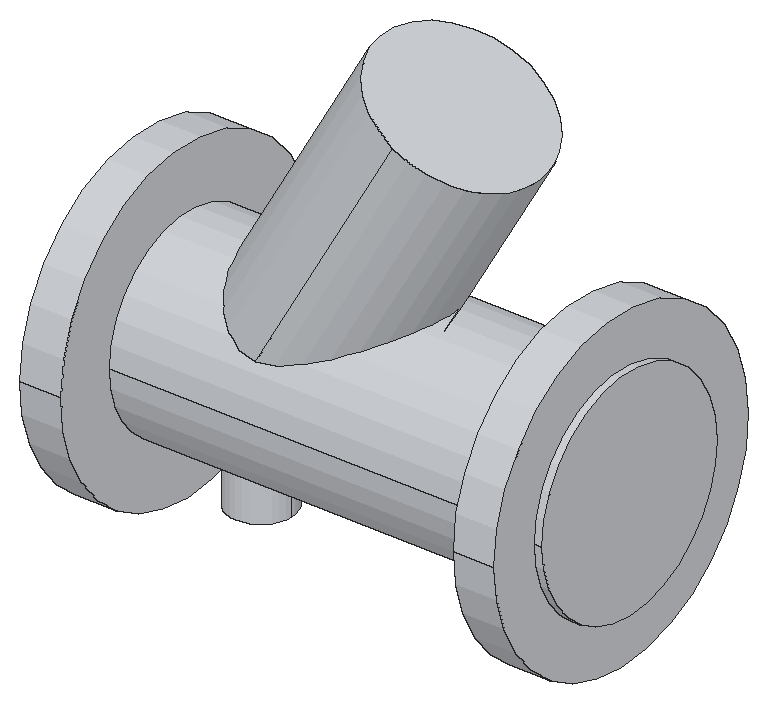
Revit family "HS 821-síto_jemné-PN40-DN080-RFA_2019", category Pipe Accessories, Revit 2019
Family settings
  Round Connector Dimension = Use Diameter
  Part Type = Breaks Into
  Work Plane-Based = No
  Always vertical = Yes
  Cut with Voids When Loaded = No
  Shared = No
Parameters (values of type "821F-DN080-PN40-síto_jemné")
  magiProductId = "689aa1e260f84cf4994f027a1d86b5"
  magiProductFamilyId = "79214ac3aaa945e397802f559f5c1e"
  magiPartTypeId = 307
  isMeasuringValve [instance] = no
  ang2D [instance] = 0.00°
  ZB__ve = -ZB  # -32 mm
  ZB1 = 55.89 mm
  ZB = 32 mm
  X2 = 104.753 mm
  X1 = 43.4 mm
  W2D = 15 mm
  VersionID = "2.0/2017.9.26.1/ZETKAMA_821_001"
  Use Minimum Symbol Size [instance] = yes
  URL = "www.hydronic.cz"
  Type Comments = "Filtr přírubový; síto jemné; A-PN16 (-10~300°C); D-PN25 (-10~350°C); F-PN40 (-10~400°C)"
  S = 138 mm
  QmdConnectorList = "301;D;302;D"
  Productdata [instance] = ""
  Manufacturer = "Hydronic Systems Prague s.r.o."
  MC Product Code = "250 680 (821F; DN080; PN40; kvs137,1; oko síta 0,63mm)"
  LM1 = 24.8 mm
  LM = 248 mm
  L4 = 77.5 mm
  L2D_Min = 3048 mm
  L2D = 130 mm
  L2 = 155 mm
  HH2 = 181.438 mm
  FD = 200 mm
  Description = "Filtr přírubový; síto jemné; 821A-PN16; 821D-PN25; 821F-PN40"
  DM1 = 107.4 mm
  DM = 124.2 mm
  D = 80 mm
  CC = 5.27 mm
  CAT0 = yes
  C1 = 25.73 mm
  C = 31 mm
  BD = 39.123 mm
Types (40, lengths in mm): name | magiProductId | ZB__ve | ZB1 | ZB | X2 | X1 | S | MC Product Code | LM1 | LM | L4 | L2 | HH2 | FD | DM1 | DM | D | CC | C1 | C | BD
  821A-DN015-PN16-síto_jemné | "a71bcfe8b393460598b23e8ddf7dc5" | -16.25 | 18.63 | 16.25 | 46.982 | 18.2 | 46 | "210 115 (821A; DN015; PN16; kvs6,2; oko síta 0,63mm)" | 10.4 | 104 | 32.5 | 65 | 81.375 | 95 | 27.6 | 41.4 | 15 | 2.21 | 10.79 | 13 | 13.041
  821A-DN020-PN16-síto_jemné | "41cd6c7a12924f4991217528336076" | -17.75 | 22.68 | 17.75 | 51.673 | 21 | 56 | "210 120 (821A; DN020; PN16; kvs9,6; oko síta 0,63mm)" | 12 | 120 | 37.5 | 75 | 89.5 | 105 | 33.6 | 50.4 | 20 | 2.55 | 12.45 | 15 | 15.876
  821A-DN025-PN16-síto_jemné | "be378b463ed14c3abf4c9b3ae8cf3a" | -19.25 | 26.325 | 19.25 | 58.601 | 22.4 | 65 | "210 125 (821A; DN025; PN16; kvs14,2; oko síta 0,63mm)" | 12.8 | 128 | 40 | 80 | 101.5 | 115 | 43.2 | 58.5 | 25 | 2.72 | 13.28 | 16 | 18.427
  821A-DN032-PN16-síto_jemné | "227a0d18b21540afabe8b6067d35fa" | -23 | 30.78 | 23 | 68.849 | 25.2 | 76 | "210 132 (821A; DN032; PN16; kvs23,1; oko síta 0,63mm)" | 14.4 | 144 | 45 | 90 | 119.25 | 140 | 50.4 | 68.4 | 32 | 3.06 | 14.94 | 18 | 21.546
  821A-DN040-PN16-síto_jemné | "d106917c74724141a10440112d0102" | -24.5 | 34.02 | 24.5 | 75.777 | 28 | 84 | "210 140 (821A; DN040; PN16; kvs36,6; oko síta 0,63mm)" | 16 | 160 | 50 | 100 | 131.25 | 150 | 60 | 75.6 | 40 | 3.4 | 16.6 | 20 | 23.814
  821A-DN050-PN16-síto_jemné | "8255d456a09e4f6486734f5dd9171b" | -26.75 | 40.095 | 26.75 | 79.061 | 32.2 | 99 | "210 150 (821A; DN050 PN16; kvs53,7; oko síta 0,63mm)" | 18.4 | 184 | 57.5 | 115 | 136.938 | 165 | 73.8 | 89.1 | 50 | 3.91 | 19.09 | 23 | 28.066
  821A-DN065-PN16-síto_jemné | "235b1b3e4c0843779a4d5e3716d40a" | -29.75 | 47.79 | 29.75 | 86.927 | 40.6 | 118 | "210 165 (821A; DN065; PN16; kvs95,1; oko síta 0,63mm)" | 23.2 | 232 | 72.5 | 145 | 150.562 | 185 | 94.2 | 106.2 | 65 | 4.93 | 24.07 | 29 | 33.453
  821A-DN080-PN16-síto_jemné | "a067f7c5236348ed8c820d16df7214" | -32 | 53.46 | 32 | 104.753 | 43.4 | 132 | "210 180 (821A; DN080; PN16; kvs137,1; oko síta 0,63mm)" | 24.8 | 248 | 77.5 | 155 | 181.438 | 200 | 107.4 | 118.8 | 80 | 5.27 | 25.73 | 31 | 37.422
  821A-DN100-PN16-síto_jemné | "c49a648c2747461285837d643703cd" | -35 | 63.18 | 35 | 114.857 | 49 | 156 | "210 190 (821A; DN100; PN16; kvs206,4; oko síta 0,63mm)" | 28 | 280 | 87.5 | 175 | 198.937 | 220 | 131.4 | 140.4 | 100 | 5.95 | 29.05 | 35 | 44.226
  821A-DN125-PN16-síto_jemné | "bf68e728a163493cbd2a663b26ebdc" | -39.5 | 74.52 | 39.5 | 131.888 | 56 | 184 | "210 191 (821A; DN125; PN16; kvs268,8; oko síta 0,63mm)" | 32 | 320 | 100 | 200 | 228.438 | 250 | 165 | 165.6 | 125 | 6.8 | 33.2 | 40 | 52.164
  821A-DN150-PN16-síto_jemné | "2de770284b654863ae6bc865769dc5" | -44.75 | 85.455 | 44.75 | 155.885 | 67.2 | 211 | "210 192 (821A; DN150; PN16; kvs401,4; oko síta 0,63mm)" | 38.4 | 384 | 120 | 240 | 270 | 285 | 192 | 189.9 | 150 | 8.16 | 39.84 | 48 | 59.818
  821A-DN200-PN16-síto_jemné | "8e5693371ab64aabb29a7f08c76e15" | -53 | 107.73 | 53 | 188.361 | 84 | 266 | "210 193 (821A; DN200; PN16; kvs706,7; oko síta 0,63mm)" | 48 | 480 | 150 | 300 | 326.25 | 340 | 252 | 239.4 | 200 | 10.2 | 49.8 | 60 | 75.411
  821A-DN250-PN16-síto_jemné | "05e37ed948c34047acdd4c42556504" | -62.75 | 129.195 | 62.75 | 255.911 | 102.2 | 319 | "210 194 (821A; DN250; PN16; kvs1229,4; oko síta 0,63mm)" | 58.4 | 584 | 182.5 | 365 | 443.25 | 405 | 309.6 | 287.1 | 250 | 12.41 | 60.59 | 73 | 90.436
  821A-DN300-PN16-síto_jemné | "9ad0af747269428da925480d83ce80" | -71 | 149.85 | 71 | 325.914 | 119 | 370 | "210 195 (821A; DN300; PN16; kvs1902,4; oko síta 0,63mm)" | 68 | 680 | 212.5 | 425 | 564.5 | 460 | 369.6 | 333 | 300 | 14.45 | 70.55 | 85 | 104.895
  821A-DN350-PN16-síto_jemné | "eebc71459bb3451bb4355e7951370a" | -80 | 173.745 | 80 | 356.875 | 137.2 | 429 | "200 196 (821A; DN350; PN16; kvs2611,0; oko síta 0,63mm)" | 78.4 | 784 | 245 | 490 | 618.125 | 520 | 438 | 386.1 | 350 | 16.66 | 81.34 | 98 | 121.621
  821A-DN400-PN16-síto_jemné | "d2f677cb196647e385b2590e7d8abe" | -89 | 194.4 | 89 | 392.237 | 154 | 480 | "210 197 (821A; DN400; PN16; kvs3438,4; oko síta 0,63mm)" | 88 | 880 | 275 | 550 | 679.375 | 580 | 498 | 432 | 400 | 18.7 | 91.3 | 110 | 136.08
  821D-DN015-PN25-síto_jemné | "27ddcbf555414f8ca1fde329bf9087" | -16.25 | 18.63 | 16.25 | 46.982 | 18.2 | 46 | "210 215 (821D; DN015; PN25; kvs6,2; oko síta 0,63mm)" | 10.4 | 104 | 32.5 | 65 | 81.375 | 95 | 27.6 | 41.4 | 15 | 2.21 | 10.79 | 13 | 13.041
  821D-DN020-PN25-síto_jemné | "270e0f14012f47189cd0235c18faee" | -17.75 | 22.68 | 17.75 | 51.673 | 21 | 56 | "210 220 (821D; DN020; PN25; kvs9,6; oko síta 0,63mm)" | 12 | 120 | 37.5 | 75 | 89.5 | 105 | 33.6 | 50.4 | 20 | 2.55 | 12.45 | 15 | 15.876
  821D-DN025-PN25-síto_jemné | "b9a7fb4aa36643878c637d8e1ab992" | -19.25 | 26.325 | 19.25 | 58.601 | 22.4 | 65 | "210 225 (821D; DN025; PN25; kvs14,2; oko síta 0,63mm)" | 12.8 | 128 | 40 | 80 | 101.5 | 115 | 43.2 | 58.5 | 25 | 2.72 | 13.28 | 16 | 18.427
  821D-DN032-PN25-síto_jemné | "6be9a55c4e68400f94eec7e804204c" | -23 | 30.78 | 23 | 68.849 | 25.2 | 76 | "210 232 (821D; DN032; PN25; kvs23,1; oko síta 0,63mm)" | 14.4 | 144 | 45 | 90 | 119.25 | 140 | 50.4 | 68.4 | 32 | 3.06 | 14.94 | 18 | 21.546
  821D-DN040-PN25-síto_jemné | "c54511bd7f584ec2984291479612cb" | -24.5 | 34.02 | 24.5 | 75.777 | 28 | 84 | "210 240 (821D; DN040; PN25; kvs36,6; oko síta 0,63mm)" | 16 | 160 | 50 | 100 | 131.25 | 150 | 60 | 75.6 | 40 | 3.4 | 16.6 | 20 | 23.814
  821D-DN050-PN25-síto_jemné | "5483b1f596b04cd39b23a14a22c90e" | -26.75 | 40.095 | 26.75 | 79.061 | 32.2 | 99 | "210 250 (821D; DN050; PN25; kvs53,7; oko síta 0,63mm)" | 18.4 | 184 | 57.5 | 115 | 136.938 | 165 | 73.8 | 89.1 | 50 | 3.91 | 19.09 | 23 | 28.066
  821D-DN065-PN25-síto_jemné | "767b0f8318e94750bc7a9930ed5b30" | -29.75 | 47.79 | 29.75 | 86.927 | 40.6 | 118 | "210 265 (821D; DN065; PN25; kvs95,1; oko síta 0,63mm)" | 23.2 | 232 | 72.5 | 145 | 150.562 | 185 | 94.2 | 106.2 | 65 | 4.93 | 24.07 | 29 | 33.453
  821D-DN080-PN25-síto_jemné | "e21040fa3cc2404b858198f6b73709" | -32 | 53.46 | 32 | 104.753 | 43.4 | 132 | "210 280 (821D; DN080; PN25; kvs137,1; oko síta 0,63mm)" | 24.8 | 248 | 77.5 | 155 | 181.438 | 200 | 107.4 | 118.8 | 80 | 5.27 | 25.73 | 31 | 37.422
  821D-DN100-PN25-síto_jemné | "175ca87a506b40b3bc6b82f12f33cf" | -37.25 | 63.18 | 37.25 | 114.857 | 49 | 156 | "210 290 (821D; DN100; PN25; kvs206,4; oko síta 0,63mm)" | 28 | 280 | 87.5 | 175 | 198.937 | 235 | 131.4 | 140.4 | 100 | 5.95 | 29.05 | 35 | 44.226
  821D-DN125-PN25-síto_jemné | "77cc98d60da24855999a22dff726b2" | -42.5 | 74.52 | 42.5 | 131.888 | 56 | 184 | "210 291 (821D; DN125; PN25; kvs268,8; oko síta 0,63mm)" | 32 | 320 | 100 | 200 | 228.438 | 270 | 165 | 165.6 | 125 | 6.8 | 33.2 | 40 | 52.164
  821D-DN150-PN25-síto_jemné | "9cf8acfcd15547d68e83172d3abcbe" | -47 | 85.455 | 47 | 155.885 | 67.2 | 211 | "210 292 (821D; DN150; PN25; kvs401,4; oko síta 0,63mm)" | 38.4 | 384 | 120 | 240 | 270 | 300 | 192 | 189.9 | 150 | 8.16 | 39.84 | 48 | 59.818
  821D-DN200-PN25-síto_jemné | "16973f3c9ea14389ba8602495a6b64" | -56 | 110.97 | 56 | 188.361 | 84 | 274 | "210 293 (821D; DN200; PN25; kvs706,7; oko síta 0,63mm)" | 48 | 480 | 150 | 300 | 326.25 | 360 | 252 | 246.6 | 200 | 10.2 | 49.8 | 60 | 77.679
  821F-DN015-PN40-síto_jemné | "4c7eaf3c4c0340888b3e684d8a8616" | -16.25 | 18.225 | 16.25 | 46.982 | 18.2 | 45 | "250 615 (821F; DN015; PN40; kvs6,2; oko síta 0,63mm)" | 10.4 | 104 | 32.5 | 65 | 81.375 | 95 | 27.6 | 40.5 | 15 | 2.21 | 10.79 | 13 | 12.757
  821F-DN020-PN40-síto_jemné | "aaac5f1ec96b44d6ba96ac2293d66d" | -17.75 | 23.49 | 17.75 | 51.673 | 21 | 58 | "250 620 (821F; DN020; PN40; kvs9,6; oko síta 0,63mm)" | 12 | 120 | 37.5 | 75 | 89.5 | 105 | 33.6 | 52.2 | 20 | 2.55 | 12.45 | 15 | 16.443
  821F-DN025-PN40-síto_jemné | "504768023968471481789485b54c7e" | -19.25 | 27.54 | 19.25 | 58.601 | 22.4 | 68 | "250 625 (821F; DN025; PN40; kvs14,2; oko síta 0,63mm)" | 12.8 | 128 | 40 | 80 | 101.5 | 115 | 43.2 | 61.2 | 25 | 2.72 | 13.28 | 16 | 19.278
  821F-DN032-PN40-síto_jemné | "165e7f39cf744f329bdf1c400dad12" | -23 | 31.59 | 23 | 68.849 | 25.2 | 78 | "250 632 (821F; DN032; PN40; kvs23,1; oko síta 0,63mm)" | 14.4 | 144 | 45 | 90 | 119.25 | 140 | 50.4 | 70.2 | 32 | 3.06 | 14.94 | 18 | 22.113
  821F-DN040-PN40-síto_jemné | "b8903f952089408fbf3a5a632bab1f" | -24.5 | 35.64 | 24.5 | 75.777 | 28 | 88 | "250 640 (821F; DN040; PN40; kvs36,6; oko síta 0,63mm)" | 16 | 160 | 50 | 100 | 131.25 | 150 | 60 | 79.2 | 40 | 3.4 | 16.6 | 20 | 24.948
  821F-DN050-PN40-síto_jemné | "c451f97266fe48da8f879cb6a2bd44" | -26.75 | 41.31 | 26.75 | 79.061 | 32.2 | 102 | "250 650 (821F; DN050; PN40; kvs53,7; oko síta 0,63mm)" | 18.4 | 184 | 57.5 | 115 | 136.938 | 165 | 73.8 | 91.8 | 50 | 3.91 | 19.09 | 23 | 28.917
  821F-DN065-PN40-síto_jemné | "dc9821e3f9b34e128f6a8c6b34c198" | -29.75 | 49.41 | 29.75 | 86.927 | 40.6 | 122 | "250 665 (821F; DN065; PN40; kvs95,1; oko síta 0,63mm)" | 23.2 | 232 | 72.5 | 145 | 150.562 | 185 | 94.2 | 109.8 | 65 | 4.93 | 24.07 | 29 | 34.587
  821F-DN080-PN40-síto_jemné | "689aa1e260f84cf4994f027a1d86b5" | -32 | 55.89 | 32 | 104.753 | 43.4 | 138 | "250 680 (821F; DN080; PN40; kvs137,1; oko síta 0,63mm)" | 24.8 | 248 | 77.5 | 155 | 181.438 | 200 | 107.4 | 124.2 | 80 | 5.27 | 25.73 | 31 | 39.123
  821F-DN100-PN40-síto_jemné | "8a45d4e8e2ab425f8c432f21d684f3" | -37.25 | 65.61 | 37.25 | 114.857 | 49 | 162 | "250 690 (821F; DN100; PN40; kvs206,4; oko síta 0,63mm)" | 28 | 280 | 87.5 | 175 | 198.937 | 235 | 131.4 | 145.8 | 100 | 5.95 | 29.05 | 35 | 45.927
  821F-DN125-PN40-síto_jemné | "cf073904c006406b8645afa67ea2fc" | -42.5 | 76.14 | 42.5 | 131.888 | 56 | 188 | "250 691 (821F; DN125; PN40; kvs268,8; oko síta 0,63mm)" | 32 | 320 | 100 | 200 | 228.438 | 270 | 165 | 169.2 | 125 | 6.8 | 33.2 | 40 | 53.298
  821F-DN150-PN40-síto_jemné | "0153b9ddabe14992a630484929fdbc" | -47 | 88.29 | 47 | 155.885 | 67.2 | 218 | "250 692 (821F; DN150; PN40; kvs401,4; oko síta 0,63mm)" | 38.4 | 384 | 120 | 240 | 270 | 300 | 192 | 196.2 | 150 | 8.16 | 39.84 | 48 | 61.803
  821F-DN200-PN40-síto_jemné | "7fb3fc01dd8d42428c203e3f8dd4d5" | -56 | 115.425 | 56 | 188.361 | 84 | 285 | "250 693 (821F; DN200; PN40; kvs706,7; oko síta 0,63mm)" | 48 | 480 | 150 | 300 | 326.25 | 360 | 252 | 256.5 | 200 | 10.2 | 49.8 | 60 | 80.797
Reference planes
  plane 1 "Center (Front/Back)": y = 0
  plane 2 "XYPLANE": z = 0
  plane 3 "Center (Left/Right)": x = 0
  plane 4 "109": x = -99.2
  plane 5 "108": x = 124
  plane 6 "107": x = -124
  plane 7 "105": x = 155
  plane 8 "104": x = -155
  plane 9 "103": y = 0
  plane 10 "102": z = 0
  plane 11 "101": x = -149.73
  plane 12 "100": x = 149.73
  plane 13 "11": x = -55.8
  plane 14 "10": z = 181.438
  plane 15 "9": x = 48.953
  plane 16 "5": z = -55.89
  plane 17 "4": x = -77.5
  plane 18 "1": x = 77.5
Forms (mm)
  Extrusion 1, solid, visible <- "CAT0"
    sketch origin (-124, -750, 0) x (0, 1, 0) y (0, 0, 1)
      loop
        circle (750, 0) r 62.1
    from 0 to 248 <- "LM"
  Extrusion 2, solid
    sketch origin (-155, -750, 0) x (0, 1, 0) y (0, 0, 1)
      loop
        circle (750, 0) r 69
    from 0 to 5.27 <- "CC"
  Extrusion 3, solid
    sketch origin (-149.73, -750, 0) x (0, 1, 0) y (0, 0, 1)
      loop
        circle (750, 0) r 100
    from 0 to 25.73 <- "C1"
  Extrusion 4, solid
    sketch origin (124, -750, 0) x (0, 1, 0) y (0, 0, 1)
      loop
        circle (750, 0) r 100
    from 0 to 25.73 <- "C1"
  Extrusion 5, solid
    sketch origin (149.73, -750, 0) x (0, 1, 0) y (0, 0, 1)
      loop
        circle (750, 0) r 69
    from 0 to 5.27 <- "CC"
  Sweep 6, solid, visible <- "CAT0"
    path origin (750, 0, 0) x (-1, 0, 0) y (0, 0, 1)
      loop
        line (874, 0) -> (805.8, 0) -> (701.047, 181.438)
    profile origin (-124, 0, 0) x (0, 0, -1) y (0, 1, 0)
      loop
        circle (0, 0) r 53.7
  Extrusion 7, solid, visible <- "CAT0"
    sketch origin (-750, 0, -55.89) x (1, 0, 0) y (0, 1, 0)
      loop
        circle (672.5, 0) r 19.561
    from 0 to -32 <- "ZB__ve"
  Extrusion 8, solid, visible <- "CAT0"
    sketch origin (-750, 0, -55.89) x (1, 0, 0) y (0, 1, 0)
      loop
        circle (827.5, 0) r 19.561
    from 0 to -32 <- "ZB__ve"
  Extrusion 9, solid, not visible
    sketch origin (155, -750, 0) x (0, 1, 0) y (0, 0, 1)
      loop
        circle (750, 0) r 10
    from 0 to -10
  Extrusion 10, solid, not visible
    sketch origin (-155, -750, 0) x (0, 1, 0) y (0, 0, 1)
      loop
        circle (750, 0) r 10
    from 0 to 10
Lines and regions (mm)
  reference lines, not visible
    curve 1: circle (2, 2, 0) r 1 normal (0, 0, 1)
Dimensions and locks
  plane 1 "Center (Front/Back)" to curve 1 = 2 mm
  "LM1": plane 6 "107" to plane 4 "109"
  "LM": plane 6 "107" to plane 5 "108"
  "C": plane 8 "104" to plane 6 "107"
  "L2": plane 3 "Center (Left/Right)" to plane 7 "105"
  "L2": plane 3 "Center (Left/Right)" to plane 8 "104"
  locked: plane 1 "Center (Front/Back)" to plane 9 "103"
  locked: plane 2 "XYPLANE" to plane 10 "102"
  "CC": plane 8 "104" to plane 11 "101"
  "C1": plane 5 "108" to plane 12 "100"
  "X1": plane 4 "109" to plane 13 "11"
  "HH2": plane 2 "XYPLANE" to plane 14 "10"
  "X2": plane 13 "11" to plane 15 "9"
  "ZB1": plane 2 "XYPLANE" to plane 16 "5"
  "L4": plane 8 "104" to plane 17 "4"
  "L2": plane 17 "4" to plane 18 "1"
  Sweep 6 sketch curve to Sweep 6 sketch curve = 0 mm  (x2)
  "DM": diameter of Extrusion 1 sketch curve
  "S": diameter of Extrusion 2 sketch curve
  "FD": diameter of Extrusion 3 sketch curve
  "FD": diameter of Extrusion 4 sketch curve
  "S": diameter of Extrusion 5 sketch curve
  "DM1": diameter of Sweep 6 sketch curve
  "BD": diameter of Extrusion 7 sketch curve
  "BD": diameter of Extrusion 8 sketch curve
  aligned and locked: level to plane 2 "XYPLANE"
  aligned and locked: Extrusion 1 sketch curve to plane 9 "103"
  aligned and locked: plane 10 "102" to Extrusion 1 sketch curve
  aligned and locked: Extrusion 2 sketch curve to plane 9 "103"
  aligned and locked: plane 10 "102" to Extrusion 2 sketch curve
  aligned and locked: Extrusion 3 sketch curve to plane 9 "103"
  aligned and locked: plane 10 "102" to Extrusion 3 sketch curve
  aligned and locked: Extrusion 4 sketch curve to plane 9 "103"
  aligned and locked: plane 10 "102" to Extrusion 4 sketch curve
  aligned and locked: Extrusion 5 sketch curve to plane 9 "103"
  aligned and locked: plane 10 "102" to Extrusion 5 sketch curve
  aligned and locked: Sweep 6 sketch curve to plane 9 "103"
  aligned and locked: plane 10 "102" to Sweep 6 sketch curve  (x3)
  aligned and locked: plane 6 "107" to Sweep 6 sketch curve
  aligned and locked: plane 13 "11" to Sweep 6 sketch curve
  aligned and locked: plane 14 "10" to Sweep 6 sketch curve
  aligned and locked: plane 15 "9" to Sweep 6 sketch curve
  aligned and locked: plane 9 "103" to Extrusion 7 sketch curve
  aligned and locked: plane 17 "4" to Extrusion 7 sketch curve
  aligned and locked: plane 9 "103" to Extrusion 8 sketch curve
  aligned and locked: plane 18 "1" to Extrusion 8 sketch curve
  aligned and locked: Extrusion 9 sketch curve to plane 9 "103"
  aligned and locked: plane 10 "102" to Extrusion 9 sketch curve
  aligned and locked: Extrusion 10 sketch curve to plane 9 "103"
  aligned and locked: plane 10 "102" to Extrusion 10 sketch curve
Automatic sketch dimensions
  plane 1 "Center (Front/Back)" to Extrusion 9 sketch curve = 10 mm
  plane 1 "Center (Front/Back)" to Extrusion 10 sketch curve = 10 mm
  plane 3 "Center (Left/Right)" to curve 1 = 2 mm
  radius of curve 1 = 1 mm
Connectors
  piping at (-155, 0, 0), diameter 80, driven by "D"
    settings: on Extrusion 10, index 1, connector inside diameter 609.6 mm, connector length 0 mm, flow factor 0, pipe flow 0.0 L/s, pressure drop 0.0 Pa, fitting loss kfactor 0, connector angle 0.00°, fixture units 0, engagement length 0 mm, angle of deflection 0.00°, flow configuration 0, flow direction 0, fitting loss method 0, system type 29, joint type 0, gender type 0, connector reference index 2, connector utility 0, adjustable connector no, is connector primary yes, connector description ""
  piping at (155, 0, 0), diameter 80, driven by "D"
    settings: on Extrusion 9, index 2, connector inside diameter 609.6 mm, connector length 0 mm, flow factor 0, pipe flow 0.0 L/s, pressure drop 0.0 Pa, fitting loss kfactor 0, connector angle 0.00°, fixture units 0, engagement length 0 mm, angle of deflection 0.00°, flow configuration 0, flow direction 0, fitting loss method 0, system type 29, joint type 0, gender type 0, connector reference index 1, connector utility 0, adjustable connector no, is connector primary no, connector description ""
